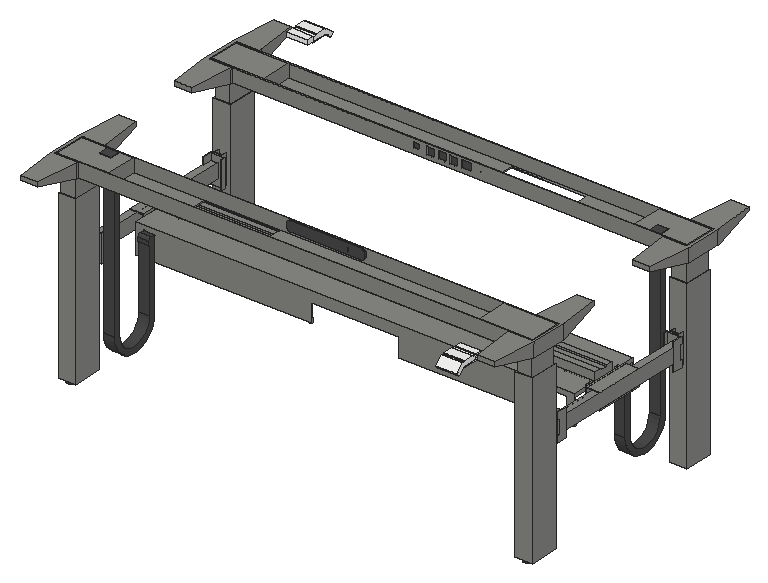
Revit family "Support-Teknion-HNBFNA_Navigate_Frame-R2016", category Furniture, Revit 2016 (continued)
Forms (in)
  Sweep 71, solid, material "Plastic - Teknion - White" <- "Power Accessory Finish", visible <- "Horizontal Power Module"
    profile origin (0, -1.15449, 0) x (-1, 0, 0) y (0, 0, 1)
      loop
        spline (2.44402, 12.10255) -> (2.44516, 12.08627) -> (2.44841, 12.07039) -> (2.45364, 12.05513) -> (2.46085, 12.04059) -> (2.46986, 12.02711) -> (2.48051, 12.01497) -> (2.49266, 12.00427) -> (2.50613, 11.99522) -> (2.52063, 11.98799) -> (2.53583, 11.98271) -> (2.55152, 11.97949) -> (2.56764, 11.97825)
        line (2.56764, 11.97825) -> (5.1411, 11.97825)
        spline (5.1411, 11.97825) -> (5.1575, 11.97933) -> (5.17355, 11.98253) -> (5.18903, 11.9878) -> (5.20369, 11.99505) -> (5.21725, 12.00412) -> (5.2295, 12.01487) -> (5.24029, 12.0272) -> (5.24937, 12.04077) -> (5.25657, 12.05538) -> (5.26182, 12.07088) -> (5.26502, 12.08688) -> (5.26609, 12.10319)
        line (5.26609, 12.10319) -> (5.26609, 13.57933)
        spline (5.26609, 13.57933) -> (5.26501, 13.59573) -> (5.26181, 13.61178) -> (5.25654, 13.62726) -> (5.24929, 13.64192) -> (5.24022, 13.65548) -> (5.22947, 13.66773) -> (5.21714, 13.67853) -> (5.20357, 13.6876) -> (5.18896, 13.6948) -> (5.17345, 13.70005) -> (5.15745, 13.70325) -> (5.14114, 13.70432)
        line (5.14114, 13.70432) -> (2.56832, 13.70432)
      loop
        line (4.62393, 13.18466) -> (4.18217, 13.18466) -> (4.18217, 12.9979) -> (4.62393, 12.9979) -> (4.62393, 13.18466)
      loop
        line (5.02593, 12.6864) -> (5.02593, 12.99616) -> (4.87105, 12.99616)
        spline (4.87105, 12.99616) -> (4.83097, 12.99089) -> (4.79363, 12.97542) -> (4.76154, 12.9508) -> (4.73692, 12.91873) -> (4.72145, 12.88139) -> (4.71617, 12.84128) -> (4.72145, 12.8012) -> (4.73691, 12.76386) -> (4.76154, 12.73177) -> (4.79361, 12.70715) -> (4.83095, 12.69168) -> (4.87105, 12.6864)
        line (4.87105, 12.6864) -> (5.02593, 12.6864)
      loop
        line (4.59143, 12.68466) -> (4.21467, 12.68466) -> (4.21467, 12.4979) -> (4.59143, 12.4979) -> (4.59143, 12.68466)
      loop
        line (3.49493, 12.6864) -> (3.49493, 12.99616) -> (3.34005, 12.99616)
        spline (3.34005, 12.99616) -> (3.29997, 12.99089) -> (3.26263, 12.97542) -> (3.23054, 12.9508) -> (3.20592, 12.91873) -> (3.19045, 12.88139) -> (3.18517, 12.84128) -> (3.19045, 12.8012) -> (3.20591, 12.76386) -> (3.23054, 12.73177) -> (3.26261, 12.70715) -> (3.29995, 12.69168) -> (3.34005, 12.6864)
        line (3.34005, 12.6864) -> (3.49493, 12.6864)
      loop
        line (3.09293, 13.18466) -> (2.65117, 13.18466) -> (2.65117, 12.9979) -> (3.09293, 12.9979) -> (3.09293, 13.18466)
      loop
        line (3.06043, 12.68466) -> (2.68367, 12.68466) -> (2.68367, 12.4979) -> (3.06043, 12.4979) -> (3.06043, 12.68466)
      loop
        spline (-5.13247, 13.70432) -> (-5.14874, 13.70318) -> (-5.16463, 13.69992) -> (-5.17989, 13.6947) -> (-5.19443, 13.68749) -> (-5.2079, 13.67847) -> (-5.22005, 13.66783) -> (-5.23075, 13.65568) -> (-5.2398, 13.64221) -> (-5.24703, 13.62771) -> (-5.25231, 13.61251) -> (-5.25553, 13.59682) -> (-5.25677, 13.5807)
        line (-5.25677, 13.5807) -> (-5.25677, 12.10255)
        spline (-5.25677, 12.10255) -> (-5.25563, 12.08627) -> (-5.25237, 12.07039) -> (-5.24715, 12.05513) -> (-5.23994, 12.04059) -> (-5.23092, 12.02711) -> (-5.22028, 12.01497) -> (-5.20813, 12.00427) -> (-5.19466, 11.99522) -> (-5.18016, 11.98799) -> (-5.16496, 11.98271) -> (-5.14927, 11.97949) -> (-5.13315, 11.97825)
        line (-5.13315, 11.97825) -> (-2.55969, 11.97825)
        spline (-2.55969, 11.97825) -> (-2.54328, 11.97933) -> (-2.52723, 11.98253) -> (-2.51176, 11.9878) -> (-2.49709, 11.99505) -> (-2.48353, 12.00412) -> (-2.47129, 12.01487) -> (-2.46049, 12.0272) -> (-2.45142, 12.04077) -> (-2.44422, 12.05538) -> (-2.43896, 12.07088) -> (-2.43577, 12.08688) -> (-2.4347, 12.10319)
        line (-2.4347, 12.10319) -> (-2.4347, 13.57933)
        spline (-2.4347, 13.57933) -> (-2.43578, 13.59573) -> (-2.43898, 13.61178) -> (-2.44425, 13.62726) -> (-2.4515, 13.64192) -> (-2.46057, 13.65548) -> (-2.47132, 13.66773) -> (-2.48365, 13.67853) -> (-2.49722, 13.6876) -> (-2.51183, 13.6948) -> (-2.52733, 13.70005) -> (-2.54334, 13.70325) -> (-2.55964, 13.70432)
        line (-2.55964, 13.70432) -> (-5.13247, 13.70432)
      loop
        line (-3.07685, 13.18466) -> (-3.51861, 13.18466) -> (-3.51861, 12.9979) -> (-3.07685, 12.9979) -> (-3.07685, 13.18466)
      loop
        line (-2.67485, 12.6864) -> (-2.67485, 12.99616) -> (-2.82973, 12.99616)
        spline (-2.82973, 12.99616) -> (-2.86982, 12.99089) -> (-2.90716, 12.97542) -> (-2.93925, 12.9508) -> (-2.96386, 12.91873) -> (-2.97933, 12.88139) -> (-2.98461, 12.84128) -> (-2.97934, 12.8012) -> (-2.96387, 12.76386) -> (-2.93925, 12.73177) -> (-2.90718, 12.70715) -> (-2.86984, 12.69168) -> (-2.82973, 12.6864)
        line (-2.82973, 12.6864) -> (-2.67485, 12.6864)
      loop
        line (-3.10935, 12.68466) -> (-3.48611, 12.68466) -> (-3.48611, 12.4979) -> (-3.10935, 12.4979) -> (-3.10935, 12.68466)
      loop
        line (-4.20585, 12.6864) -> (-4.20585, 12.99616) -> (-4.36073, 12.99616)
        spline (-4.36073, 12.99616) -> (-4.40082, 12.99089) -> (-4.43816, 12.97542) -> (-4.47025, 12.9508) -> (-4.49486, 12.91873) -> (-4.51033, 12.88139) -> (-4.51561, 12.84128) -> (-4.51034, 12.8012) -> (-4.49487, 12.76386) -> (-4.47025, 12.73177) -> (-4.43818, 12.70715) -> (-4.40084, 12.69168) -> (-4.36073, 12.6864)
        line (-4.36073, 12.6864) -> (-4.20585, 12.6864)
      loop
        line (-4.60785, 13.18466) -> (-5.04961, 13.18466) -> (-5.04961, 12.9979) -> (-4.60785, 12.9979) -> (-4.60785, 13.18466)
      loop
        line (-4.64035, 12.68466) -> (-5.01711, 12.68466) -> (-5.01711, 12.4979) -> (-4.64035, 12.4979) -> (-4.64035, 12.68466)
  Sweep 72, solid, material "Plastic - Teknion - White" <- "Power Accessory Finish", visible <- "Horizontal Power Module"
    path origin (0, 0, 0) x (1, 0, 0) y (0, 1, 0)
      loop
        line (0, 0.59163) -> (0, 1.71736)
    profile origin (0, 1.15449, 0) x (-1, 0, 0) y (0, 0, 1)
      loop
        spline (2.56832, 13.70432) -> (2.55204, 13.70318) -> (2.53616, 13.69992) -> (2.5209, 13.6947) -> (2.50636, 13.68749) -> (2.49288, 13.67847) -> (2.48074, 13.66783) -> (2.47004, 13.65568) -> (2.46099, 13.64221) -> (2.45376, 13.62771) -> (2.44847, 13.61251) -> (2.44526, 13.59682) -> (2.44402, 13.5807)
        line (2.44402, 13.5807) -> (2.44402, 12.10255)
        spline (2.44402, 12.10255) -> (2.44516, 12.08627) -> (2.44841, 12.07039) -> (2.45364, 12.05513) -> (2.46085, 12.04059) -> (2.46986, 12.02711) -> (2.48051, 12.01497) -> (2.49266, 12.00427) -> (2.50613, 11.99522) -> (2.52063, 11.98799) -> (2.53583, 11.98271) -> (2.55152, 11.97949) -> (2.56764, 11.97825)
        line (2.56764, 11.97825) -> (5.1411, 11.97825)
        spline (5.1411, 11.97825) -> (5.1575, 11.97933) -> (5.17355, 11.98253) -> (5.18903, 11.9878) -> (5.20369, 11.99505) -> (5.21725, 12.00412) -> (5.2295, 12.01487) -> (5.24029, 12.0272) -> (5.24937, 12.04077) -> (5.25657, 12.05538) -> (5.26182, 12.07088) -> (5.26502, 12.08688) -> (5.26609, 12.10319)
        line (5.26609, 12.10319) -> (5.26609, 13.57933)
        spline (5.26609, 13.57933) -> (5.26501, 13.59573) -> (5.26181, 13.61178) -> (5.25654, 13.62726) -> (5.24929, 13.64192) -> (5.24022, 13.65548) -> (5.22947, 13.66773) -> (5.21714, 13.67853) -> (5.20357, 13.6876) -> (5.18896, 13.6948) -> (5.17345, 13.70005) -> (5.15745, 13.70325) -> (5.14114, 13.70432)
        line (5.14114, 13.70432) -> (2.56832, 13.70432)
      loop
        line (4.62393, 13.18466) -> (4.18217, 13.18466) -> (4.18217, 12.9979) -> (4.62393, 12.9979) -> (4.62393, 13.18466)
      loop
        line (5.02593, 12.6864) -> (5.02593, 12.99616) -> (4.87105, 12.99616)
        spline (4.87105, 12.99616) -> (4.83097, 12.99089) -> (4.79363, 12.97542) -> (4.76154, 12.9508) -> (4.73692, 12.91873) -> (4.72145, 12.88139) -> (4.71617, 12.84128) -> (4.72145, 12.8012) -> (4.73691, 12.76386) -> (4.76154, 12.73177) -> (4.79361, 12.70715) -> (4.83095, 12.69168) -> (4.87105, 12.6864)
        line (4.87105, 12.6864) -> (5.02593, 12.6864)
      loop
        line (4.59143, 12.68466) -> (4.21467, 12.68466) -> (4.21467, 12.4979) -> (4.59143, 12.4979) -> (4.59143, 12.68466)
      loop
        line (3.49493, 12.6864) -> (3.49493, 12.99616) -> (3.34005, 12.99616)
        spline (3.34005, 12.99616) -> (3.29997, 12.99089) -> (3.26263, 12.97542) -> (3.23054, 12.9508) -> (3.20592, 12.91873) -> (3.19045, 12.88139) -> (3.18517, 12.84128) -> (3.19045, 12.8012) -> (3.20591, 12.76386) -> (3.23054, 12.73177) -> (3.26261, 12.70715) -> (3.29995, 12.69168) -> (3.34005, 12.6864)
        line (3.34005, 12.6864) -> (3.49493, 12.6864)
      loop
        line (3.09293, 13.18466) -> (2.65117, 13.18466) -> (2.65117, 12.9979) -> (3.09293, 12.9979) -> (3.09293, 13.18466)
      loop
        line (3.06043, 12.68466) -> (2.68367, 12.68466) -> (2.68367, 12.4979) -> (3.06043, 12.4979) -> (3.06043, 12.68466)
      loop
        spline (-5.13247, 13.70432) -> (-5.14874, 13.70318) -> (-5.16463, 13.69992) -> (-5.17989, 13.6947) -> (-5.19443, 13.68749) -> (-5.2079, 13.67847) -> (-5.22005, 13.66783) -> (-5.23075, 13.65568) -> (-5.2398, 13.64221) -> (-5.24703, 13.62771) -> (-5.25231, 13.61251) -> (-5.25553, 13.59682) -> (-5.25677, 13.5807)
        line (-5.25677, 13.5807) -> (-5.25677, 12.10255)
        spline (-5.25677, 12.10255) -> (-5.25563, 12.08627) -> (-5.25237, 12.07039) -> (-5.24715, 12.05513) -> (-5.23994, 12.04059) -> (-5.23092, 12.02711) -> (-5.22028, 12.01497) -> (-5.20813, 12.00427) -> (-5.19466, 11.99522) -> (-5.18016, 11.98799) -> (-5.16496, 11.98271) -> (-5.14927, 11.97949) -> (-5.13315, 11.97825)
        line (-5.13315, 11.97825) -> (-2.55969, 11.97825)
        spline (-2.55969, 11.97825) -> (-2.54328, 11.97933) -> (-2.52723, 11.98253) -> (-2.51176, 11.9878) -> (-2.49709, 11.99505) -> (-2.48353, 12.00412) -> (-2.47129, 12.01487) -> (-2.46049, 12.0272) -> (-2.45142, 12.04077) -> (-2.44422, 12.05538) -> (-2.43896, 12.07088) -> (-2.43577, 12.08688) -> (-2.4347, 12.10319)
        line (-2.4347, 12.10319) -> (-2.4347, 13.57933)
        spline (-2.4347, 13.57933) -> (-2.43578, 13.59573) -> (-2.43898, 13.61178) -> (-2.44425, 13.62726) -> (-2.4515, 13.64192) -> (-2.46057, 13.65548) -> (-2.47132, 13.66773) -> (-2.48365, 13.67853) -> (-2.49722, 13.6876) -> (-2.51183, 13.6948) -> (-2.52733, 13.70005) -> (-2.54334, 13.70325) -> (-2.55964, 13.70432)
        line (-2.55964, 13.70432) -> (-5.13247, 13.70432)
      loop
        line (-3.07685, 13.18466) -> (-3.51861, 13.18466) -> (-3.51861, 12.9979) -> (-3.07685, 12.9979) -> (-3.07685, 13.18466)
      loop
        line (-2.67485, 12.6864) -> (-2.67485, 12.99616) -> (-2.82973, 12.99616)
        spline (-2.82973, 12.99616) -> (-2.86982, 12.99089) -> (-2.90716, 12.97542) -> (-2.93925, 12.9508) -> (-2.96386, 12.91873) -> (-2.97933, 12.88139) -> (-2.98461, 12.84128) -> (-2.97934, 12.8012) -> (-2.96387, 12.76386) -> (-2.93925, 12.73177) -> (-2.90718, 12.70715) -> (-2.86984, 12.69168) -> (-2.82973, 12.6864)
        line (-2.82973, 12.6864) -> (-2.67485, 12.6864)
      loop
        line (-3.10935, 12.68466) -> (-3.48611, 12.68466) -> (-3.48611, 12.4979) -> (-3.10935, 12.4979) -> (-3.10935, 12.68466)
      loop
        line (-4.20585, 12.6864) -> (-4.20585, 12.99616) -> (-4.36073, 12.99616)
        spline (-4.36073, 12.99616) -> (-4.40082, 12.99089) -> (-4.43816, 12.97542) -> (-4.47025, 12.9508) -> (-4.49486, 12.91873) -> (-4.51033, 12.88139) -> (-4.51561, 12.84128) -> (-4.51034, 12.8012) -> (-4.49487, 12.76386) -> (-4.47025, 12.73177) -> (-4.43818, 12.70715) -> (-4.40084, 12.69168) -> (-4.36073, 12.6864)
        line (-4.36073, 12.6864) -> (-4.20585, 12.6864)
      loop
        line (-4.60785, 13.18466) -> (-5.04961, 13.18466) -> (-5.04961, 12.9979) -> (-4.60785, 12.9979) -> (-4.60785, 13.18466)
      loop
        line (-4.64035, 12.68466) -> (-5.01711, 12.68466) -> (-5.01711, 12.4979) -> (-4.64035, 12.4979) -> (-4.64035, 12.68466)
  Sweep 73, solid, material "Paint - Teknion - Mica - Anthracite" <- "Base Feed Cover Finish", visible <- "Base Feed Cover (A)"
    path origin (0, 0, 0) x (1, 0, 0) y (0, 0, 1)
      loop
        line (0, 0.03937) -> (0, 13.53937)
    profile origin (0, 0, 6.78937) x (-1, 0, 0) y (0, -1, 0)
      loop
        line (27.77848, -1.1811) -> (30.14069, -1.1811) -> (30.14069, -0.5561) -> (30.09289, -0.5561) -> (30.09289, -1.1331) -> (27.82648, -1.1331) -> (27.82648, 1.1331) -> (30.09289, 1.1331) -> (30.09289, 0.5561) -> (30.14069, 0.5561) -> (30.14069, 1.1811) -> (27.77848, 1.1811) -> (27.77848, -1.1811)
  Sweep 74, solid, material "Paint - Teknion - Mica - Anthracite" <- "Base Feed Cover Finish", visible <- "Base Feed Cover (A)"
    path origin (0, 0, 0) x (1, 0, 0) y (0, 0, 1)
      loop
        line (0, 13.8057) -> (0, 13.7459)
    profile origin (0, 0, 13.7758) x (0, -1, 0) y (1, 0, 0)
      loop
        line (-0.94488, -27.63608) -> (-0.94488, -27.88608) -> (0.94488, -27.88608) -> (0.94488, -27.63608) -> (1.41732, -27.63608) -> (1.41732, -26.26108) -> (-1.41732, -26.26108) -> (-1.41732, -27.63608) -> (-0.94488, -27.63608)
  Sweep 75, solid, material "Paint - Teknion - Mica - Anthracite" <- "Base Feed Cover Finish", visible <- "Base Feed Cover (A)"
    path origin (0, 0, 0) x (1, 0, 0) y (0, 1, 0)
      loop
        line (0, 0.94488) -> (0, -0.94488)
    profile origin (0, 0, 0) x (1, 0, 0) y (0, 0, 1)
      loop
        line (-27.88608, 13.7459) -> (-27.88608, 9.1857) -> (-27.82648, 9.1857) -> (-27.82648, 13.7459) -> (-27.88608, 13.7459)
      loop
        line (-27.87391, 1.03937) -> (-27.87391, 0.08717) -> (-30.05352, 0.08717) -> (-30.05352, 0) -> (-28.05352, 0) -> (-28.05352, 0.03937) -> (-27.82648, 0.03937) -> (-27.82648, 1.03937) -> (-27.87391, 1.03937)
  Sweep 76, solid, material "Paint - Teknion - Mica - Anthracite" <- "Base Feed Cover Finish", visible <- "Base Feed Cover (A)"
    path origin (0, 0, 0) x (1, 0, 0) y (0, 1, 0)
      loop
        line (-20.86102, 0) -> (-15.64002, 0)
    profile origin (-18.25052, 0, 0) x (0, 1, 0) y (0, 0, 1)
      loop
        line (1.9125, 15.3418) -> (-1.9125, 15.3418) -> (-1.9125, 15.2938) -> (-1.3605, 15.2938) -> (-1.3605, 10.29381) -> (1.3605, 10.29381) -> (1.3605, 15.2938) -> (1.9125, 15.2938) -> (1.9125, 15.3418)
  Sweep 77, void
    path origin (0, 0, 0) x (1, 0, 0) y (0, 0, 1)
      loop
        line (0, 10.34181) -> (0, 15.3418)
    profile origin (0, 0, 12.84181) x (-1, 0, 0) y (0, -1, 0)
      loop
        line (20.81302, -1.3125) -> (20.81302, -1.9125) -> (20.86102, -1.9125) -> (20.86102, -1.2825) -> (20.81302, -1.2825) -> (20.81302, 1.2825) -> (20.86102, 1.2825) -> (20.86102, 1.9125) -> (20.81302, 1.9125) -> (20.81302, 1.3125) -> (15.68802, 1.3125) -> (15.68802, 1.9125) -> (15.64002, 1.9125) -> (15.64002, 1.2825) -> (15.68802, 1.2825) -> (15.68802, -1.2825) -> (15.64002, -1.2825) -> (15.64002, -1.9125) -> (15.68802, -1.9125) -> (15.68802, -1.3125) -> (20.81302, -1.3125)
      loop
        line (18.34427, 1.9125) -> (18.15677, 1.9125) -> (18.15677, 1.50502) -> (18.34427, 1.50502) -> (18.34427, 1.9125)
      loop
        line (19.50052, -1.9125) -> (19.50052, -1.3605) -> (17.00052, -1.3605) -> (17.00052, -1.9125) -> (19.50052, -1.9125)
  Sweep 78, void
    path origin (0, 0, 0) x (1, 0, 0) y (0, 1, 0)
      loop
        line (-20.86102, 0) -> (-15.64002, 0)
    profile origin (-18.25052, 0, 0) x (0, 1, 0) y (0, 0, 1)
      loop
        line (-1.3125, 11.91881) -> (1.3125, 11.91881) -> (1.3125, 15.3418) -> (-1.3125, 15.3418) -> (-1.3125, 11.91881)
  Sweep 79, void
    path origin (0, 0, 0) x (1, 0, 0) y (0, 1, 0)
      loop
        line (0, 0) -> (0, -2.5)
    profile origin (0, -1.25, 0) x (1, 0, 0) y (0, 0, 1)
      loop
        line (-20.81302, 15.19359) -> (-20.81302, 14.64241) -> (-20.1831, 14.64241) -> (-20.1831, 15.19359) -> (-20.81302, 15.19359)
      loop
        line (-16.31794, 15.19359) -> (-16.31794, 14.64241) -> (-15.68802, 14.64241) -> (-15.68802, 15.19359) -> (-16.31794, 15.19359)
  Sweep 80, void
    path origin (0, 0, 0) x (1, 0, 0) y (0, 1, 0)
      loop
        line (0, 0) -> (0, 2.5)
    profile origin (0, 1.25, 0) x (-1, 0, 0) y (0, 0, 1)
      loop
        line (19.50052, 15.3418) -> (17.00052, 15.3418) -> (17.00052, 15.02685) -> (17.46312, 15.02685) -> (17.46312, 12.1922) -> (19.03793, 12.1922) -> (19.03793, 15.02685) -> (19.50052, 15.02685) -> (19.50052, 15.3418)
      loop
        line (17.06598, 11.6489) -> (15.68802, 11.6489) -> (15.68802, 11.17646) -> (17.06598, 11.17646) -> (17.06598, 11.6489)
  Sweep 81, solid, material "Paint - Teknion - Mica - Anthracite" <- "Base Feed Cover Finish", visible <- "Base Feed Cover (B)"
    path origin (0, 0, 0) x (1, 0, 0) y (0, 0, 1)
      loop
        line (0, 0.03937) -> (0, 13.53937)
    profile origin (0, 0, 6.78937) x (-1, 0, 0) y (0, -1, 0)
      loop
        line (-27.77848, -1.1811) -> (-27.77848, 1.1811) -> (-30.14069, 1.1811) -> (-30.14069, 0.5561) -> (-30.09289, 0.5561) -> (-30.09289, 1.1331) -> (-27.82648, 1.1331) -> (-27.82648, -1.1331) -> (-30.09289, -1.1331) -> (-30.09289, -0.5561) -> (-30.14069, -0.5561) -> (-30.14069, -1.1811) -> (-27.77848, -1.1811)
  Sweep 82, solid, material "Paint - Teknion - Mica - Anthracite" <- "Base Feed Cover Finish", visible <- "Base Feed Cover (B)"
    path origin (0, 0, 0) x (1, 0, 0) y (0, 1, 0)
      loop
        line (0, 0.94488) -> (0, -0.94488)
    profile origin (0, 0, 0) x (1, 0, 0) y (0, 0, 1)
      loop
        line (27.88608, 13.7459) -> (27.82648, 13.7459) -> (27.82648, 9.1857) -> (27.88608, 9.1857) -> (27.88608, 13.7459)
      loop
        line (27.87391, 1.03937) -> (27.82648, 1.03937) -> (27.82648, 0.03937) -> (28.05352, 0.03937) -> (28.05352, 0) -> (30.05352, 0) -> (30.05352, 0.08717) -> (27.87391, 0.08717) -> (27.87391, 1.03937)
  Sweep 83, solid, material "Paint - Teknion - Mica - Anthracite" <- "Base Feed Cover Finish", visible <- "Base Feed Cover (B)"
    path origin (0, 0, 0) x (1, 0, 0) y (0, 0, 1)
      loop
        line (0, 13.7459) -> (0, 13.8057)
    profile origin (0, 0, 13.7758) x (-1, 0, 0) y (0, -1, 0)
      loop
        line (-27.63608, -0.94488) -> (-27.63608, -1.41732) -> (-26.26108, -1.41732) -> (-26.26108, 1.41732) -> (-27.63608, 1.41732) -> (-27.63608, 0.94488) -> (-27.88608, 0.94488) -> (-27.88608, -0.94488) -> (-27.63608, -0.94488)
  Sweep 84, solid, material "Paint - Teknion - Mica - Anthracite" <- "Base Feed Cover Finish", visible <- "Base Feed Cover (B)"
    path origin (0, 0, 0) x (1, 0, 0) y (0, 1, 0)
      loop
        line (20.86102, 0) -> (15.64002, 0)
    profile origin (18.25052, 0, 0) x (0, -1, 0) y (0, 0, 1)
      loop
        line (-1.9125, 15.3418) -> (-1.9125, 15.2938) -> (-1.3605, 15.2938) -> (-1.3605, 10.29381) -> (1.3605, 10.29381) -> (1.3605, 15.2938) -> (1.9125, 15.2938) -> (1.9125, 15.3418) -> (-1.9125, 15.3418)
  Sweep 85, void
    path origin (0, 0, 0) x (1, 0, 0) y (0, 0, 1)
      loop
        line (0, 10.34181) -> (0, 15.3418)
    profile origin (0, 0, 12.84181) x (-1, 0, 0) y (0, -1, 0)
      loop
        line (-20.81302, 1.3125) -> (-20.81302, 1.9125) -> (-20.86102, 1.9125) -> (-20.86102, 1.2825) -> (-20.81302, 1.2825) -> (-20.81302, -1.2825) -> (-20.86102, -1.2825) -> (-20.86102, -1.9125) -> (-20.81302, -1.9125) -> (-20.81302, -1.3125) -> (-15.68802, -1.3125) -> (-15.68802, -1.9125) -> (-15.64002, -1.9125) -> (-15.64002, -1.2825) -> (-15.68802, -1.2825) -> (-15.68802, 1.2825) -> (-15.64002, 1.2825) -> (-15.64002, 1.9125) -> (-15.68802, 1.9125) -> (-15.68802, 1.3125) -> (-20.81302, 1.3125)
      loop
        line (-18.34427, -1.9125) -> (-18.15677, -1.9125) -> (-18.15677, -1.50502) -> (-18.34427, -1.50502) -> (-18.34427, -1.9125)
      loop
        line (-19.50052, 1.9125) -> (-19.50052, 1.3605) -> (-17.00052, 1.3605) -> (-17.00052, 1.9125) -> (-19.50052, 1.9125)
  Sweep 86, void
    path origin (0, 0, 0) x (1, 0, 0) y (0, 1, 0)
      loop
        line (15.64002, 0) -> (20.86102, 0)
    profile origin (18.25052, 0, 0) x (0, 1, 0) y (0, 0, 1)
      loop
        line (-1.3125, 11.91881) -> (1.3125, 11.91881) -> (1.3125, 15.3418) -> (-1.3125, 15.3418) -> (-1.3125, 11.91881)
  Sweep 87, void
    path origin (0, 0, 0) x (1, 0, 0) y (0, 1, 0)
      loop
        line (0, 2.5) -> (0, 0)
    profile origin (0, 1.25, 0) x (1, 0, 0) y (0, 0, 1)
      loop
        line (20.81302, 15.19359) -> (20.1831, 15.19359) -> (20.1831, 14.64241) -> (20.81302, 14.64241) -> (20.81302, 15.19359)
      loop
        line (16.31794, 15.19359) -> (15.68802, 15.19359) -> (15.68802, 14.64241) -> (16.31794, 14.64241) -> (16.31794, 15.19359)
  Sweep 88, void
    path origin (0, 0, 0) x (1, 0, 0) y (0, 1, 0)
      loop
        line (0, 0) -> (0, -2.5)
    profile origin (0, -1.25, 0) x (1, 0, 0) y (0, 0, 1)
      loop
        line (19.50052, 15.3418) -> (17.00052, 15.3418) -> (17.00052, 15.02685) -> (17.46312, 15.02685) -> (17.46312, 12.1922) -> (19.03793, 12.1922) -> (19.03793, 15.02685) -> (19.50052, 15.02685) -> (19.50052, 15.3418)
      loop
        line (17.06598, 11.6489) -> (15.68802, 11.6489) -> (15.68802, 11.17646) -> (17.06598, 11.17646) -> (17.06598, 11.6489)
  Sweep 89, solid, material "Plastic - Teknion - E - Ebony" <- "e-Chain Manager Finish", visible <- "Side A Left e-Chain"
    path origin (0, 0, 0) x (1, 0, 0) y (0, 1, 0)
      loop
        line (-27.45803, 0) -> (-28.96197, 0)
    profile origin (-28.21, 0, 0) x (0, -1, 0) y (0, 0, 1)
      loop
        line (4.18333, 15.32179) -> (4.16509, 14.97386) -> (5.11444, 14.97386) -> (5.11444, 5.57995)
        arc (5.11444, 5.57995) -> (8.51825, 2.17614) -> (11.92206, 5.57995) r 3.40381
        line (11.92206, 5.57995) -> (11.92206, 27.13675) -> (12.61647, 27.53767) -> (12.61647, 28) -> (11.16222, 28) -> (11.16222, 5.57995)
        arc (11.16222, 5.57995) -> (8.51825, 2.93598) -> (5.87428, 5.57995) r 2.64397
        line (5.87428, 5.57995) -> (5.87428, 14.27415) -> (5.99584, 14.27415) -> (5.99584, 14.78596)
        arc (5.99584, 14.78596) -> (5.88283, 15.05878) -> (5.61001, 15.17179) r 0.38583
        line (5.61001, 15.17179) -> (4.94119, 15.17179) -> (4.93333, 15.32179) -> (4.18333, 15.32179)
  Sweep 90, solid, material "Plastic - Teknion - E - Ebony" <- "e-Chain Manager Finish", visible <- "Side B Right e-Chain"
    path origin (0, 0, 0) x (1, 0, 0) y (0, 1, 0)
      loop
        line (-28.96197, 0) -> (-27.45803, 0)
    profile origin (-28.21, 0, 0) x (0, 1, 0) y (0, 0, 1)
      loop
        line (4.18333, 15.32179) -> (4.16509, 14.97386) -> (5.11444, 14.97386) -> (5.11444, 5.57995)
        arc (5.11444, 5.57995) -> (8.51825, 2.17614) -> (11.92206, 5.57995) r 3.40381
        line (11.92206, 5.57995) -> (11.92206, 27.13675) -> (12.61647, 27.53767) -> (12.61647, 28) -> (11.16222, 28) -> (11.16222, 5.57995)
        arc (11.16222, 5.57995) -> (8.51825, 2.93598) -> (5.87428, 5.57995) r 2.64397
        line (5.87428, 5.57995) -> (5.87428, 14.27415) -> (5.99584, 14.27415) -> (5.99584, 14.78596)
        arc (5.99584, 14.78596) -> (5.88283, 15.05878) -> (5.61001, 15.17179) r 0.38583
        line (5.61001, 15.17179) -> (4.94119, 15.17179) -> (4.93333, 15.32179) -> (4.18333, 15.32179)
  Sweep 91, solid, material "Plastic - Teknion - E - Ebony" <- "e-Chain Manager Finish", visible <- "Side A Right e-Chain"
    path origin (0, 0, 0) x (1, 0, 0) y (0, 1, 0)
      loop
        line (27.45803, 0) -> (28.96, 0)
    profile origin (28.20902, 0, 0) x (0, 1, 0) y (0, 0, 1)
      loop
        line (-4.18333, 15.32179) -> (-4.93333, 15.32179) -> (-4.94119, 15.17179) -> (-5.61001, 15.17179)
        arc (-5.61001, 15.17179) -> (-5.88283, 15.05878) -> (-5.99584, 14.78596) r 0.38583
        line (-5.99584, 14.78596) -> (-5.99584, 14.27415) -> (-5.87428, 14.27415) -> (-5.87428, 5.57995)
        arc (-5.87428, 5.57995) -> (-8.51825, 2.93598) -> (-11.16222, 5.57995) r 2.64397
        line (-11.16222, 5.57995) -> (-11.16222, 28) -> (-12.61647, 28) -> (-12.61647, 27.53767) -> (-11.92206, 27.13675) -> (-11.92206, 5.57995)
        arc (-11.92206, 5.57995) -> (-8.51825, 2.17614) -> (-5.11444, 5.57995) r 3.40381
        line (-5.11444, 5.57995) -> (-5.11444, 14.97386) -> (-4.16509, 14.97386) -> (-4.18333, 15.32179)
  Sweep 92, solid, material "Plastic - Teknion - E - Ebony" <- "e-Chain Manager Finish", visible <- "Side B Left e-Chain"
    path origin (0, 0, 0) x (1, 0, 0) y (0, 1, 0)
      loop
        line (27.45803, 0) -> (28.96, 0)
    profile origin (28.20902, 0, 0) x (0, 1, 0) y (0, 0, 1)
      loop
        line (4.18333, 15.32179) -> (4.16509, 14.97386) -> (5.11444, 14.97386) -> (5.11444, 5.57995)
        arc (5.11444, 5.57995) -> (8.51825, 2.17614) -> (11.92206, 5.57995) r 3.40381
        line (11.92206, 5.57995) -> (11.92206, 27.13675) -> (12.61647, 27.53767) -> (12.61647, 28) -> (11.16222, 28) -> (11.16222, 5.57995)
        arc (11.16222, 5.57995) -> (8.51825, 2.93598) -> (5.87428, 5.57995) r 2.64397
        line (5.87428, 5.57995) -> (5.87428, 14.27415) -> (5.99584, 14.27415) -> (5.99584, 14.78596)
        arc (5.99584, 14.78596) -> (5.88283, 15.05878) -> (5.61001, 15.17179) r 0.38583
        line (5.61001, 15.17179) -> (4.94119, 15.17179) -> (4.93333, 15.32179) -> (4.18333, 15.32179)
Cuts and joins
  Sweep 5 cuts Sweep 3
  Sweep 8, Sweep 9 cuts Sweep 7
  Sweep 13, Sweep 14, Sweep 15, Sweep 16 cuts Sweep 6
  Sweep 26, Sweep 28 cuts Sweep 25
  Sweep 29 cuts Sweep 27
  Sweep 31, Sweep 32 cuts Sweep 30
  Sweep 34 cuts Sweep 33
  Sweep 36, Sweep 37 cuts Sweep 35
  Sweep 39 cuts Sweep 38
  Sweep 41, Sweep 44, Sweep 45 cuts Sweep 40
  Sweep 43, Sweep 44, Sweep 45 cuts Sweep 42
  Sweep 48 cuts Sweep 46
  Sweep 48 cuts Sweep 47
  Sweep 50, Sweep 51, Sweep 52 cuts Sweep 49
  Sweep 52, Sweep 54, Sweep 55 cuts Sweep 53
  Sweep 60, Sweep 61 cuts Sweep 56
  Sweep 60, Sweep 61 cuts Sweep 58
  Sweep 64, Sweep 65, Sweep 66 cuts Sweep 62
  Sweep 64, Sweep 65, Sweep 67 cuts Sweep 63
  Sweep 70 cuts Sweep 68
  Sweep 70 cuts Sweep 69
  joined: Sweep 74, Sweep 75
  Sweep 77, Sweep 78, Sweep 79, Sweep 80 cuts Sweep 76
  joined: Sweep 82, Sweep 83
  Sweep 85, Sweep 86, Sweep 87, Sweep 88 cuts Sweep 84
Lines and regions (in)
  Masking region 1
    outline origin (0, 0, 0) x (1, 0, 0) y (0, 1, 0)
      loop
        line (-29.89563, 24.96736) -> (-29.89563, 24) -> (-27.08232, 24) -> (-27.08232, 24.96736) -> (-29.89563, 24.96736)
      loop
        line (27.08232, -24.96736) -> (29.89563, -24.96736) -> (29.89563, -24) -> (27.08232, -24) -> (27.08232, -24.96736)
  symbolic lines, style "Furniture"
    curve 1: line (-32.55772, 21.71461, 0) -> (-33.14827, 15.76972, 0)
    curve 2: line (-29.60496, 15.76972, 0) -> (-30.19551, 21.71461, 0)
    curve 3: line (-30.19551, 21.71461, 0) -> (-32.55772, 21.71461, 0)
    curve 4: line (-33.14827, 15.76972, 0) -> (-33.14827, 10.73035, 0)
    curve 5: line (-33.14827, 10.73035, 0) -> (-32.55772, 4.78547, 0)
    curve 6: line (-32.55772, 4.78547, 0) -> (-30.19551, 4.78547, 0)
    curve 7: line (-30.19551, 4.78547, 0) -> (-29.60496, 10.73035, 0)
    curve 8: line (-29.60496, 15.57987, 0) -> (-29.60496, 15.76972, 0)
    curve 9: line (-29.60496, 10.73035, 0) -> (-29.60496, 10.92021, 0)
    curve 10: line (32.68583, 15.54362, 0) -> (-32.68583, 15.54362, 0)
    curve 11: line (-32.68583, 10.95646, 0) -> (32.68583, 10.95646, 0)
    curve 12: line (32.68583, 15.57987, 0) -> (32.68583, 10.92021, 0)
    curve 13: line (29.60496, 10.92021, 0) -> (29.60496, 10.73035, 0)
    curve 14: line (29.60496, 10.73035, 0) -> (30.19551, 4.78547, 0)
    curve 15: line (30.19551, 4.78547, 0) -> (32.55772, 4.78547, 0)
    curve 16: line (32.55772, 4.78547, 0) -> (33.14827, 10.73035, 0)
    curve 17: line (33.14827, 10.73035, 0) -> (33.14827, 15.76972, 0)
    curve 18: line (33.14827, 15.76972, 0) -> (32.55772, 21.71461, 0)
    curve 19: line (32.55772, 21.71461, 0) -> (30.19551, 21.71461, 0)
    curve 20: line (30.19551, 21.71461, 0) -> (29.60496, 15.76972, 0)
    curve 21: line (29.60496, 15.76972, 0) -> (29.60496, 15.57987, 0)
    curve 22: line (29.60496, 15.57987, 0) -> (32.68583, 15.57987, 0)
    curve 23: line (-32.68583, 10.92021, 0) -> (-32.68583, 15.57987, 0)
    curve 24: line (-32.68583, 15.57987, 0) -> (-29.60496, 15.57987, 0)
    curve 25: line (-29.60496, 10.92021, 0) -> (-32.68583, 10.92021, 0)
    curve 26: line (30.19551, -4.78547, 0) -> (29.60496, -10.73035, 0)
    curve 27: line (32.55772, -4.78547, 0) -> (30.19551, -4.78547, 0)
    curve 28: line (33.14827, -10.73035, 0) -> (32.55772, -4.78547, 0)
    curve 29: line (33.14827, -15.76972, 0) -> (33.14827, -10.73035, 0)
    curve 30: line (32.55772, -21.71461, 0) -> (33.14827, -15.76972, 0)
    curve 31: line (30.19551, -21.71461, 0) -> (32.55772, -21.71461, 0)
    curve 32: line (29.60496, -15.76972, 0) -> (30.19551, -21.71461, 0)
    curve 33: line (29.60496, -15.57987, 0) -> (29.60496, -15.76972, 0)
    curve 34: line (32.68583, -15.57987, 0) -> (29.60496, -15.57987, 0)
    curve 35: line (32.68583, -10.92021, 0) -> (32.68583, -15.57987, 0)
    curve 36: line (29.60496, -10.92021, 0) -> (32.68583, -10.92021, 0)
    curve 37: line (29.60496, -10.73035, 0) -> (29.60496, -10.92021, 0)
    curve 38: line (32.68583, -10.95646, 0) -> (-32.68583, -10.95646, 0)
    curve 39: line (-32.68583, -15.54362, 0) -> (32.68583, -15.54362, 0)
    curve 40: line (-29.60496, -15.57987, 0) -> (-32.68583, -15.57987, 0)
    curve 41: line (-32.68583, -15.57987, 0) -> (-32.68583, -10.92021, 0)
    curve 42: line (-29.60496, -15.76972, 0) -> (-29.60496, -15.57987, 0)
    curve 43: line (-30.19551, -21.71461, 0) -> (-29.60496, -15.76972, 0)
    curve 44: line (-32.55772, -21.71461, 0) -> (-30.19551, -21.71461, 0)
    curve 45: line (-33.14827, -15.76972, 0) -> (-32.55772, -21.71461, 0)
    curve 46: line (-32.55772, -4.78547, 0) -> (-33.14827, -10.73035, 0)
    curve 47: line (-29.60496, -10.73035, 0) -> (-30.19551, -4.78547, 0)
    curve 48: line (-30.19551, -4.78547, 0) -> (-32.55772, -4.78547, 0)
    curve 49: line (-29.60496, -10.92021, 0) -> (-29.60496, -10.73035, 0)
    curve 50: line (-32.68583, -10.92021, 0) -> (-29.60496, -10.92021, 0)
    curve 51: line (-33.14827, -10.73035, 0) -> (-33.14827, -15.76972, 0)
    curve 52: line (-32.18126, 10.43839, 0) -> (-32.18126, -10.43839, 0)
    curve 53: line (-31.18126, -10.43839, 0) -> (-31.18126, 10.43839, 0)
    curve 54: line (-32.18126, -9.19492, 0) -> (-32.31575, -9.19492, 0)
    curve 55: line (-32.31575, -9.19492, 0) -> (-32.31575, -10.57287, 0)
    curve 56: line (-30.43449, -10.43839, 0) -> (-32.18126, -10.43839, 0)
    curve 57: line (-30.3, -9.98232, 0) -> (-30.43449, -9.98232, 0)
    curve 58: line (-30.3, -10.57287, 0) -> (-30.3, -9.98232, 0)
    curve 59: line (-32.31575, -10.57287, 0) -> (-30.3, -10.57287, 0)
    curve 60: line (-31.89843, -10.57287, 0) -> (-31.89843, -11.28151, 0)
    curve 61: line (-30.71732, -11.28151, 0) -> (-30.71732, -10.57287, 0)
    curve 62: line (-32.31575, 10.57287, 0) -> (-32.31575, 9.19492, 0)
    curve 63: line (-32.31575, 9.19492, 0) -> (-32.18126, 9.19492, 0)
    curve 64: line (-32.18126, 10.43839, 0) -> (-30.43449, 10.43839, 0)
    curve 65: line (-30.43449, 10.43839, 0) -> (-30.43449, 9.98232, 0)
    curve 66: line (-30.43449, 9.98232, 0) -> (-30.3, 9.98232, 0)
    curve 67: line (-30.3, 9.98232, 0) -> (-30.3, 10.57287, 0)
    curve 68: line (-30.3, 10.57287, 0) -> (-32.31575, 10.57287, 0)
    curve 69: line (-31.89843, 11.28151, 0) -> (-31.89843, 10.57287, 0)
    curve 70: line (-30.71732, 10.57287, 0) -> (-30.71732, 11.28151, 0)
    curve 71: line (32.31575, 10.57287, 0) -> (30.3, 10.57287, 0)
    curve 72: line (30.43449, 10.43839, 0) -> (32.18126, 10.43839, 0)
    curve 73: line (30.43449, 9.98232, 0) -> (30.43449, 10.43839, 0)
    curve 74: line (30.3, 10.57287, 0) -> (30.3, 9.98232, 0)
    curve 75: line (30.3, 9.98232, 0) -> (30.43449, 9.98232, 0)
    curve 76: line (32.18126, -10.43839, 0) -> (32.18126, 10.43839, 0)
    curve 77: line (31.18126, 10.43839, 0) -> (31.18126, -10.43839, 0)
    curve 78: line (32.18126, 9.19492, 0) -> (32.31575, 9.19492, 0)
    curve 79: line (32.31575, 9.19492, 0) -> (32.31575, 10.57287, 0)
    curve 80: line (32.31575, -9.19492, 0) -> (32.18126, -9.19492, 0)
    curve 81: line (32.31575, -10.57287, 0) -> (32.31575, -9.19492, 0)
    curve 82: line (30.3, -10.57287, 0) -> (32.31575, -10.57287, 0)
    curve 83: line (30.3, -9.98232, 0) -> (30.3, -10.57287, 0)
    curve 84: line (30.43449, -9.98232, 0) -> (30.3, -9.98232, 0)
    curve 85: line (30.43449, -10.43839, 0) -> (30.43449, -9.98232, 0)
    curve 86: line (32.18126, -10.43839, 0) -> (30.43449, -10.43839, 0)
    curve 87: line (30.71732, -10.57287, 0) -> (30.71732, -11.28151, 0)
    curve 88: line (31.89843, -11.28151, 0) -> (31.89843, -10.57287, 0)
    curve 89: line (-30.13048, -11.28151, 0) -> (-32.49269, -11.28151, 0)
    curve 90: line (-30.13048, -15.21852, 0) -> (-30.13048, -11.28151, 0)
    curve 91: line (-32.49269, -15.21852, 0) -> (-30.13048, -15.21852, 0)
    curve 92: line (-32.49269, -11.28151, 0) -> (-32.49269, -15.21852, 0)
    curve 93: arc (-31.90234, -14.48586, 0) -> (-31.30787, -13.89139, 0) -> (-30.71341, -14.48586, 0) r 0.59447
    curve 94: arc (-30.71341, -14.48586, 0) -> (-31.30787, -15.08033, 0) -> (-31.90234, -14.48586, 0) r 0.59447
    curve 95: line (-30.13048, 15.21852, 0) -> (-32.49269, 15.21852, 0)
    curve 96: line (-30.13048, 11.28151, 0) -> (-30.13048, 15.21852, 0)
    curve 97: line (-32.49269, 11.28151, 0) -> (-30.13048, 11.28151, 0)
    curve 98: line (-32.49269, 15.21852, 0) -> (-32.49269, 11.28151, 0)
    curve 99: arc (-31.90234, 14.48586, 0) -> (-31.30787, 15.08033, 0) -> (-30.71341, 14.48586, 0) r 0.59447
    curve 100: arc (-30.71341, 14.48586, 0) -> (-31.30787, 13.89139, 0) -> (-31.90234, 14.48586, 0) r 0.59447
    curve 101: line (32.49269, 15.21852, 0) -> (30.13048, 15.21852, 0)
    curve 102: line (32.49269, 11.28151, 0) -> (32.49269, 15.21852, 0)
    curve 103: line (30.13048, 11.28151, 0) -> (32.49269, 11.28151, 0)
    curve 104: line (30.13048, 15.21852, 0) -> (30.13048, 11.28151, 0)
    curve 105: arc (31.90234, 14.48586, 0) -> (31.30787, 13.89139, 0) -> (30.71341, 14.48586, 0) r 0.59447
    curve 106: arc (30.71341, 14.48586, 0) -> (31.30787, 15.08033, 0) -> (31.90234, 14.48586, 0) r 0.59447
    curve 107: line (32.49269, -11.28151, 0) -> (30.13048, -11.28151, 0)
    curve 108: line (32.49269, -15.21852, 0) -> (32.49269, -11.28151, 0)
    curve 109: line (30.13048, -15.21852, 0) -> (32.49269, -15.21852, 0)
    curve 110: line (30.13048, -11.28151, 0) -> (30.13048, -15.21852, 0)
    curve 111: arc (30.71341, -14.48586, 0) -> (31.30787, -13.89139, 0) -> (31.90234, -14.48586, 0) r 0.59447
    curve 112: arc (31.90234, -14.48586, 0) -> (31.30787, -15.08033, 0) -> (30.71341, -14.48586, 0) r 0.59447
    curve 113: line (-29.89563, 24.96736, 0) -> (-29.89563, 20.73362, 0)
    curve 114: line (-29.89563, 20.73362, 0) -> (-27.08232, 20.73362, 0)
    curve 115: line (-27.08232, 24.96736, 0) -> (-27.08232, 20.73362, 0)
    curve 116: line (27.08232, -20.73362, 0) -> (27.08232, -24.96736, 0)
    curve 117: line (29.89563, -20.73362, 0) -> (27.08232, -20.73362, 0)
    curve 118: line (29.89563, -20.73362, 0) -> (29.89563, -24.96736, 0)
    curve 119: line (-33.14112, 15.84164, 0) -> (-29.61211, 15.84164, 0)
    curve 120: line (-29.61211, 10.65843, 0) -> (-33.14112, 10.65843, 0)
    curve 121: line (-32.05626, -10.43839, 0) -> (-32.05626, 10.43839, 0)
    curve 122: line (-31.30626, 10.43839, 0) -> (-31.30626, -10.43839, 0)
    curve 123: line (-30.40459, 3.34646, 0) -> (-30.40459, -3.34646, 0)
    curve 124: line (-30.3, -3.34646, 0) -> (-30.3, 3.34646, 0)
    curve 125: line (-30.3, -3.34646, 0) -> (-32.18126, -3.34646, 0)
    curve 126: line (-33.14112, -10.65843, 0) -> (-29.61211, -10.65843, 0)
    curve 127: line (-29.61211, -15.84164, 0) -> (-33.14112, -15.84164, 0)
    curve 128: line (-32.18126, 3.34646, 0) -> (-30.3, 3.34646, 0)
    curve 129: line (-30.85181, 11.28151, 0) -> (-30.85181, 10.70736, 0)
    curve 130: line (-30.85181, 10.70736, 0) -> (-31.76394, 10.70736, 0)
    curve 131: line (-31.76394, 10.70736, 0) -> (-31.76394, 11.28151, 0)
    curve 132: line (-31.30787, 14.87227, 0) -> (-31.64252, 14.67907, 0)
    curve 133: line (-31.64252, 14.67907, 0) -> (-31.64252, 14.29265, 0)
    curve 134: line (-31.64252, 14.29265, 0) -> (-31.30787, 14.09944, 0)
    curve 135: line (-31.30787, 14.09944, 0) -> (-30.97323, 14.29265, 0)
    curve 136: line (-30.97323, 14.29265, 0) -> (-30.97323, 14.67907, 0)
    curve 137: line (-30.97323, 14.67907, 0) -> (-31.30787, 14.87227, 0)
    curve 138: line (-31.76394, -11.28151, 0) -> (-31.76394, -10.70736, 0)
    curve 139: line (-31.76394, -10.70736, 0) -> (-30.85181, -10.70736, 0)
    curve 140: line (-30.85181, -10.70736, 0) -> (-30.85181, -11.28151, 0)
    curve 141: line (-31.30787, -14.09944, 0) -> (-31.64252, -14.29265, 0)
    curve 142: line (-30.97323, -14.29265, 0) -> (-31.30787, -14.09944, 0)
    curve 143: line (-30.97323, -14.67907, 0) -> (-30.97323, -14.29265, 0)
    curve 144: line (-31.30787, -14.87227, 0) -> (-30.97323, -14.67907, 0)
    curve 145: line (-31.64252, -14.67907, 0) -> (-31.30787, -14.87227, 0)
    curve 146: line (-31.64252, -14.29265, 0) -> (-31.64252, -14.67907, 0)
    curve 147: line (-31.30787, -14.09944, 0) -> (-31.64252, -14.29265, 0)
    curve 148: line (33.14112, -15.84164, 0) -> (29.61211, -15.84164, 0)
    curve 149: line (29.61211, -10.65843, 0) -> (33.14112, -10.65843, 0)
    curve 150: line (30.85181, -11.28151, 0) -> (30.85181, -10.70736, 0)
    curve 151: line (30.85181, -10.70736, 0) -> (31.76394, -10.70736, 0)
    curve 152: line (31.76394, -10.70736, 0) -> (31.76394, -11.28151, 0)
    curve 153: line (31.30787, -14.09944, 0) -> (30.97323, -14.29265, 0)
    curve 154: line (31.64252, -14.29265, 0) -> (31.30787, -14.09944, 0)
    curve 155: line (31.64252, -14.67907, 0) -> (31.64252, -14.29265, 0)
    curve 156: line (31.30787, -14.87227, 0) -> (31.64252, -14.67907, 0)
    curve 157: line (30.97323, -14.67907, 0) -> (31.30787, -14.87227, 0)
    curve 158: line (30.97323, -14.29265, 0) -> (30.97323, -14.67907, 0)
    curve 159: line (31.30626, -10.43839, 0) -> (31.30626, 10.43839, 0)
    curve 160: line (32.05626, 10.43839, 0) -> (32.05626, -10.43839, 0)
    curve 161: line (30.3, 3.34646, 0) -> (32.18126, 3.34646, 0)
    curve 162: line (30.3, 3.34646, 0) -> (30.3, -3.34646, 0)
    curve 163: line (30.40459, -3.34646, 0) -> (30.40459, 3.34646, 0)
    curve 164: line (32.18126, -3.34646, 0) -> (30.3, -3.34646, 0)
    curve 165: line (33.14112, 10.65843, 0) -> (29.61211, 10.65843, 0)
    curve 166: line (30.85181, 10.70736, 0) -> (30.85181, 11.28151, 0)
    curve 167: line (31.76394, 10.70736, 0) -> (30.85181, 10.70736, 0)
    curve 168: line (31.76394, 11.28151, 0) -> (31.76394, 10.70736, 0)
    curve 169: line (29.61211, 15.84164, 0) -> (33.14112, 15.84164, 0)
    curve 170: line (31.30787, 14.87227, 0) -> (30.97323, 14.67907, 0)
    curve 171: line (31.64252, 14.67907, 0) -> (31.30787, 14.87227, 0)
    curve 172: line (31.64252, 14.29265, 0) -> (31.64252, 14.67907, 0)
    curve 173: line (31.30787, 14.09944, 0) -> (31.64252, 14.29265, 0)
    curve 174: line (30.97323, 14.29265, 0) -> (31.30787, 14.09944, 0)
    curve 175: line (30.97323, 14.67907, 0) -> (30.97323, 14.29265, 0)
    curve 176: line (29.92992, 15.43902, 0) -> (29.92992, 11.06106, 0)
    curve 177: line (25.44173, 15.41539, 0) -> (25.44173, 11.08469, 0)
    curve 178: line (32.68583, 15.41539, 0) -> (25.44173, 15.41539, 0)
    curve 179: line (25.44173, 11.08469, 0) -> (32.68583, 11.08469, 0)
    curve 180: line (32.68583, 11.06106, 0) -> (-32.68583, 11.06106, 0)
    curve 181: line (-32.68583, 15.43902, 0) -> (32.68583, 15.43902, 0)
    curve 182: line (30.31991, 15.02169, 0) -> (30.31991, 11.47836, 0)
    curve 183: line (32.28842, 15.02169, 0) -> (30.31991, 15.02169, 0)
    curve 184: line (32.28842, 11.47836, 0) -> (32.28842, 15.02169, 0)
    curve 185: line (30.31991, 11.47836, 0) -> (32.28842, 11.47836, 0)
    curve 186: line (-25.44173, 15.41539, 0) -> (-32.68583, 15.41539, 0)
    curve 187: line (-25.44173, 11.08469, 0) -> (-25.44173, 15.41539, 0)
    curve 188: line (-32.68583, 11.08469, 0) -> (-25.44173, 11.08469, 0)
    curve 189: line (-29.92992, 11.06106, 0) -> (-29.92992, 15.43902, 0)
    curve 190: line (-30.32733, 11.47836, 0) -> (-30.32733, 15.02169, 0)
    curve 191: line (-32.29583, 11.47836, 0) -> (-30.32733, 11.47836, 0)
    curve 192: line (-32.29583, 15.02169, 0) -> (-32.29583, 11.47836, 0)
    curve 193: line (-30.32733, 15.02169, 0) -> (-32.29583, 15.02169, 0)
    curve 194: line (-32.68583, -11.06106, 0) -> (32.68583, -11.06106, 0)
    curve 195: line (32.68583, -15.43902, 0) -> (-32.68583, -15.43902, 0)
    curve 196: line (-25.44173, -15.41539, 0) -> (-25.44173, -11.08469, 0)
    curve 197: line (-25.44173, -11.08469, 0) -> (-32.68583, -11.08469, 0)
    curve 198: line (-32.68583, -15.41539, 0) -> (-25.44173, -15.41539, 0)
    curve 199: line (-29.92992, -15.43902, 0) -> (-29.92992, -11.06106, 0)
    curve 200: line (-30.32733, -15.02169, 0) -> (-30.32733, -11.47836, 0)
    curve 201: line (-32.29583, -15.02169, 0) -> (-30.32733, -15.02169, 0)
    curve 202: line (-32.29583, -11.47836, 0) -> (-32.29583, -15.02169, 0)
    curve 203: line (-30.32733, -11.47836, 0) -> (-32.29583, -11.47836, 0)
    curve 204: line (29.92992, -11.06106, 0) -> (29.92992, -15.43902, 0)
    curve 205: line (25.44173, -11.08469, 0) -> (25.44173, -15.41539, 0)
    curve 206: line (32.68583, -11.08469, 0) -> (25.44173, -11.08469, 0)
    curve 207: line (25.44173, -15.41539, 0) -> (32.68583, -15.41539, 0)
    curve 208: line (30.31991, -11.47836, 0) -> (30.31991, -15.02169, 0)
    curve 209: line (30.31991, -15.02169, 0) -> (32.28842, -15.02169, 0)
    curve 210: line (32.28842, -15.02169, 0) -> (32.28842, -11.47836, 0)
    curve 211: line (32.28842, -11.47836, 0) -> (30.31991, -11.47836, 0)
    curve 212: line (-32.18126, -3.34646, 0) -> (-30.3, -3.34646, 0)
    curve 213: line (-30.3, -3.34646, 0) -> (-30.3, 3.34646, 0)
    curve 214: line (-30.3, 3.34646, 0) -> (-32.18126, 3.34646, 0)
    curve 215: line (-32.18126, 3.34646, 0) -> (-32.18126, -3.34646, 0)
    curve 216: line (5.335, 11.33048, 0) -> (5.335, 15.1696, 0)
    curve 217: line (5.335, 15.1696, 0) -> (15.68933, 15.1696, 0)
    curve 218: line (15.68933, 15.1696, 0) -> (15.68933, 11.33048, 0)
    curve 219: line (15.68933, 11.33048, 0) -> (5.335, 11.33048, 0)
    curve 220: line (-15.68933, -15.1696, 0) -> (-15.68933, -11.33048, 0)
    curve 221: line (-15.68933, -11.33048, 0) -> (-5.335, -11.33048, 0)
    curve 222: line (-5.335, -11.33048, 0) -> (-5.335, -15.1696, 0)
    curve 223: line (-5.335, -15.1696, 0) -> (-15.68933, -15.1696, 0)
    curve 425: line (-30.43449, -9.98232, 0) -> (-30.43449, -10.43839, 0)
  symbolic lines, style "Furniture", visible <- "Extended Electrics Extended"
    curve 224: line (-32.09528, -11.67524, 0) -> (-32.09528, -14.82484, 0)
    curve 225: line (-32.09528, -14.82484, 0) -> (-30.52047, -14.82484, 0)
    curve 226: line (-30.52047, -14.82484, 0) -> (-30.52047, -11.67524, 0)
    curve 227: line (-30.52047, -11.67524, 0) -> (-32.09528, -11.67524, 0)
    curve 228: line (32.09528, -11.67524, 0) -> (30.52047, -11.67524, 0)
    curve 229: line (30.52047, -11.67524, 0) -> (30.52047, -14.82484, 0)
    curve 230: line (30.52047, -14.82484, 0) -> (32.09528, -14.82484, 0)
    curve 231: line (32.09528, -14.82484, 0) -> (32.09528, -11.67524, 0)
    curve 232: line (30.52047, 14.82484, 0) -> (30.52047, 11.67524, 0)
    curve 233: line (30.52047, 11.67524, 0) -> (32.09528, 11.67524, 0)
    curve 234: line (32.09528, 11.67524, 0) -> (32.09528, 14.82484, 0)
    curve 235: line (32.09528, 14.82484, 0) -> (30.52047, 14.82484, 0)
    curve 236: line (-32.09528, 14.82484, 0) -> (-32.09528, 11.67524, 0)
    curve 237: line (-32.09528, 11.67524, 0) -> (-30.52047, 11.67524, 0)
    curve 238: line (-30.52047, 11.67524, 0) -> (-30.52047, 14.82484, 0)
    curve 239: line (-30.52047, 14.82484, 0) -> (-32.09528, 14.82484, 0)
  symbolic lines, style "Furniture", visible <- "Has Navigate Wire Channel"
    curve 240: line (-30.08, -5, 0) -> (-30.08, 5, 0)
    curve 241: line (-30.08, -5, 0) -> (30.08, -5, 0)
    curve 242: line (30.08, -5, 0) -> (30.08, 5, 0)
    curve 243: line (30.08, 5, 0) -> (-30.08, 5, 0)
    curve 244: line (30.08, 1.47638, 0) -> (-30.08, 1.47638, 0)
    curve 245: line (-30.08, -1.47638, 0) -> (30.08, -1.47638, 0)
    curve 246: line (30.08, -0.54, 0) -> (-30.08, -0.54, 0)
    curve 247: line (30.08, 0.54, 0) -> (-30.08, 0.54, 0)
  symbolic lines, style "Furniture", visible <- "Dual-Sided"
    curve 248: line (-30.3, 2.65018, 0) -> (-30.19532, 2.65018, 0)
    curve 249: line (-30.19532, -2.66232, 0) -> (-30.19532, 2.65018, 0)
    curve 250: line (-30.19532, -2.66232, 0) -> (-30.3, -2.66232, 0)
    curve 251: line (-30.19532, -1.5725, 0) -> (-26.30032, -1.5725, 0)
    curve 252: line (-26.30032, -1.5725, 0) -> (-26.30032, 1.5725, 0)
    curve 253: line (-26.30032, 1.5725, 0) -> (-30.19532, 1.5725, 0)
    curve 254: line (30.19532, 2.65018, 0) -> (30.3, 2.65018, 0)
    curve 255: line (30.19532, 2.65018, 0) -> (30.19532, -2.66232, 0)
    curve 256: line (30.3, -2.66232, 0) -> (30.19532, -2.66232, 0)
    curve 257: line (26.30032, -1.5725, 0) -> (30.19532, -1.5725, 0)
    curve 258: line (26.30032, 1.5725, 0) -> (26.30032, -1.5725, 0)
    curve 259: line (30.19532, 1.5725, 0) -> (26.30032, 1.5725, 0)
  symbolic lines, style "Furniture", visible <- "Single-Sided (A)"
    curve 260: line (-30.153, 4.7115, 0) -> (-30.153, -1.7885, 0)
    curve 261: line (-30.153, -1.7885, 0) -> (-26.153, -1.7885, 0)
    curve 262: line (-26.153, -1.7885, 0) -> (-26.153, 4.7115, 0)
    curve 263: line (-26.153, 4.7115, 0) -> (-30.153, 4.7115, 0)
    curve 264: line (30.153, -1.7885, 0) -> (30.153, 4.7115, 0)
    curve 265: line (30.153, 4.7115, 0) -> (26.153, 4.7115, 0)
    curve 266: line (26.153, 4.7115, 0) -> (26.153, -1.7885, 0)
    curve 267: line (26.153, -1.7885, 0) -> (30.153, -1.7885, 0)
  symbolic lines, style "Furniture", visible <- "Single Sided (B)"
    curve 268: line (-26.153, -4.7115, 0) -> (-26.153, 1.7885, 0)
    curve 269: line (-26.153, 1.7885, 0) -> (-30.153, 1.7885, 0)
    curve 270: line (-30.153, 1.7885, 0) -> (-30.153, -4.7115, 0)
    curve 271: line (-30.153, -4.7115, 0) -> (-26.153, -4.7115, 0)
    curve 272: line (26.153, 1.7885, 0) -> (26.153, -4.7115, 0)
    curve 273: line (26.153, -4.7115, 0) -> (30.153, -4.7115, 0)
    curve 274: line (30.153, -4.7115, 0) -> (30.153, 1.7885, 0)
    curve 275: line (30.153, 1.7885, 0) -> (26.153, 1.7885, 0)
  symbolic lines, style "Furniture", visible <- "End Gable - Metal (A)"
    curve 276: line (-32.49269, 11.25, 0) -> (-32.49269, -11.25, 0)
    curve 277: line (-32.49269, -11.25, 0) -> (-30.14069, -11.25, 0)
    curve 278: line (-30.14069, -11.25, 0) -> (-30.14069, 11.25, 0)
    curve 279: line (-30.14069, 11.25, 0) -> (-32.49269, 11.25, 0)
    curve 284: line (-32.46269, 11.22, 0) -> (-32.46269, -11.22, 0)
    curve 285: line (-32.46269, -11.22, 0) -> (-30.17069, -11.22, 0)
    curve 286: line (-30.17069, -11.22, 0) -> (-30.17069, 11.22, 0)
    curve 287: line (-30.17069, 11.22, 0) -> (-32.46269, 11.22, 0)
    curve 296: line (-32.01422, 2.5, 0) -> (-30.64069, 2.5, 0)
    curve 297: line (-30.64069, 2.5, 0) -> (-30.64069, -2.5, 0)
    curve 298: line (-30.64069, -2.5, 0) -> (-32.01422, -2.5, 0)
    curve 299: line (-32.01422, -2.5, 0) -> (-32.01422, 2.5, 0)
  symbolic lines, style "Furniture", visible <- "End Gable - Metal (B)"
    curve 280: line (32.49269, -11.25, 0) -> (32.49269, 11.25, 0)
    curve 281: line (32.49269, 11.25, 0) -> (30.14069, 11.25, 0)
    curve 282: line (30.14069, 11.25, 0) -> (30.14069, -11.25, 0)
    curve 283: line (30.14069, -11.25, 0) -> (32.49269, -11.25, 0)
    curve 288: line (30.17069, 11.22, 0) -> (30.17069, -11.22, 0)
    curve 289: line (30.17069, -11.22, 0) -> (32.46269, -11.22, 0)
    curve 290: line (32.46269, -11.22, 0) -> (32.46269, 11.22, 0)
    curve 291: line (32.46269, 11.22, 0) -> (30.17069, 11.22, 0)
    curve 292: line (30.64069, -2.5, 0) -> (30.64069, 2.5, 0)
    curve 293: line (30.64069, 2.5, 0) -> (32.01422, 2.5, 0)
    curve 294: line (32.01422, 2.5, 0) -> (32.01422, -2.5, 0)
    curve 295: line (32.01422, -2.5, 0) -> (30.64069, -2.5, 0)
  symbolic lines, style "Furniture", visible <- "End Cover - Metal (A)"
    curve 300: line (-32.43037, 11.24, 0) -> (-32.43037, -11.24, 0)
    curve 301: line (-30.18537, 11.24, 0) -> (-32.43037, 11.24, 0)
    curve 302: line (-30.18537, -11.24, 0) -> (-30.18537, 11.24, 0)
    curve 303: line (-30.18537, -11.24, 0) -> (-32.43037, -11.24, 0)
    curve 308: line (-32.40037, -11.24, 0) -> (-32.40037, 11.24, 0)
    curve 309: line (-32.36644, -11.24, 0) -> (-32.36644, 11.24, 0)
    curve 310: line (-30.21537, 11.24, 0) -> (-30.21537, 2.75, 0)
    curve 311: line (-30.24931, 11.24, 0) -> (-30.24931, -11.24, 0)
  symbolic lines, style "Furniture", visible <- "End Cover - Metal (B)"
    curve 304: line (32.43037, -11.24, 0) -> (30.18537, -11.24, 0)
    curve 305: line (30.18537, 11.24, 0) -> (30.18537, -11.24, 0)
    curve 306: line (32.43037, -11.24, 0) -> (32.43037, 11.24, 0)
    curve 307: line (32.43037, 11.24, 0) -> (30.18537, 11.24, 0)
    curve 312: line (32.40037, 11.24, 0) -> (32.40037, -11.24, 0)
    curve 313: line (32.36644, 11.24, 0) -> (32.36644, -11.24, 0)
    curve 314: line (30.21537, -11.24, 0) -> (30.21537, 11.24, 0)
    curve 315: line (30.24931, -11.24, 0) -> (30.24931, 11.24, 0)
  symbolic lines, style "Furniture", visible <- "End Screen Cover - Metal (A)"
    curve 316: line (-30.18537, 11.25, 0) -> (-35.82737, 11.25, 0)
    curve 317: line (-35.82737, 11.25, 0) -> (-35.82737, -11.25, 0)
    curve 318: line (-35.82737, -11.25, 0) -> (-30.18537, -11.25, 0)
    curve 319: line (-30.18537, -11.25, 0) -> (-30.18537, 11.25, 0)
  symbolic lines, style "Furniture", visible <- "End Screen Cover - Metal (B)"
    curve 320: line (35.82737, 11.25, 0) -> (30.18537, 11.25, 0)
    curve 321: line (30.18537, 11.25, 0) -> (30.18537, -11.25, 0)
    curve 322: line (30.18537, -11.25, 0) -> (35.82737, -11.25, 0)
    curve 323: line (35.82737, -11.25, 0) -> (35.82737, 11.25, 0)
  symbolic lines, style "Furniture", visible <- "Navigate Link (A)"
    curve 324: line (-38.16933, 10.57295, 0) -> (-39.54728, 10.57295, 0)
    curve 325: line (-39.54728, 10.57295, 0) -> (-39.54728, 9.195, 0)
    curve 326: line (-39.54728, 9.195, 0) -> (-39.44272, 9.195, 0)
    curve 327: line (-39.44272, 9.195, 0) -> (-39.44272, 10.46839, 0)
    curve 328: line (-39.44272, 10.46839, 0) -> (-38.16933, 10.46839, 0)
    curve 329: line (-38.16933, 10.46839, 0) -> (-38.16933, 10.57295, 0)
    curve 330: line (-32.42031, 10.46839, 0) -> (-39.44272, 10.46839, 0)
    curve 331: line (-39.44272, 9.46839, 0) -> (-32.42031, 9.46839, 0)
    curve 332: line (-32.31575, 10.57295, 0) -> (-33.6937, 10.57295, 0)
    curve 333: line (-33.6937, 10.57295, 0) -> (-33.6937, 10.46839, 0)
    curve 334: line (-32.42031, 10.46839, 0) -> (-32.42031, 9.195, 0)
    curve 335: line (-32.42031, 9.195, 0) -> (-32.31575, 9.195, 0)
    curve 336: line (-32.31575, -9.195, 0) -> (-32.42031, -9.195, 0)
    curve 337: line (-32.42031, -9.195, 0) -> (-32.42031, -10.46839, 0)
    curve 338: line (-33.6937, -10.46839, 0) -> (-33.6937, -10.57295, 0)
    curve 339: line (-33.6937, -10.57295, 0) -> (-32.31575, -10.57295, 0)
    curve 340: line (-32.42031, -9.46839, 0) -> (-39.44272, -9.46839, 0)
    curve 341: line (-39.44272, -10.46839, 0) -> (-32.42031, -10.46839, 0)
    curve 342: line (-39.44272, -9.195, 0) -> (-39.54728, -9.195, 0)
    curve 343: line (-39.44272, -10.46839, 0) -> (-39.44272, -9.195, 0)
    curve 344: line (-39.54728, -9.195, 0) -> (-39.54728, -10.57295, 0)
    curve 345: line (-39.54728, -10.57295, 0) -> (-38.16933, -10.57295, 0)
    curve 346: line (-38.16933, -10.57295, 0) -> (-38.16933, -10.46839, 0)
    curve 347: line (-39.44272, -9.59339, 0) -> (-32.42031, -9.59339, 0)
    curve 348: line (-32.42031, -10.34339, 0) -> (-39.44272, -10.34339, 0)
    curve 349: line (-39.44272, 10.34339, 0) -> (-32.42031, 10.34339, 0)
    curve 350: line (-32.42031, 9.59339, 0) -> (-39.44272, 9.59339, 0)
  symbolic lines, style "Furniture", visible <- "Navigate Link (B)"
    curve 351: line (39.54728, 10.57295, 0) -> (38.16933, 10.57295, 0)
    curve 352: line (39.54728, 9.19492, 0) -> (39.54728, 10.57295, 0)
    curve 353: line (39.44272, 9.19492, 0) -> (39.54728, 9.19492, 0)
    curve 354: line (39.44272, 10.46839, 0) -> (39.44272, 9.19492, 0)
    curve 355: line (38.16933, 10.57295, 0) -> (38.16933, 10.46839, 0)
    curve 356: line (39.44272, 10.46839, 0) -> (32.42031, 10.46839, 0)
    curve 357: line (32.42031, 9.46839, 0) -> (39.44272, 9.46839, 0)
    curve 358: line (33.6937, 10.57295, 0) -> (32.31575, 10.57295, 0)
    curve 359: line (33.6937, 10.46839, 0) -> (33.6937, 10.57295, 0)
